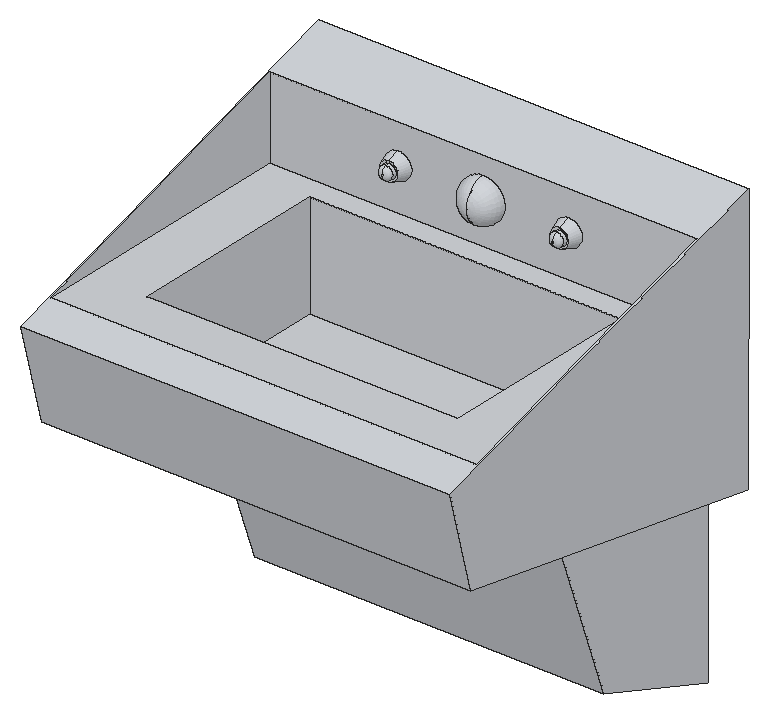
Revit family "Lavatory-Willoughby_Industries-WBLS-2018-HC-FA", category Plumbing Fixtures, Revit 2015
Parameters
  URL = "www.willoughby-ind.com"
  Revision = "A"
  Model = "WBLS-2018-HC-FA"
  Manufacturer = "Willoughby Industries"
  Description = "Behavioral Lavatory"
  Contact = "(800) 428-4065\r\n(800) 428-4065"
Reference planes (in)
  plane 1 "Center (Front/Back)": y = 0
  plane 2: z = 0
  plane 3 "Center (Left/Right)": x = 0
  plane 4: y = 0
Forms (in)
  Extrusion 1, solid
    sketch origin (0, 0, 0) x (0, -1, 0) y (0, 0, -1)
      loop
        line (6.125, -19.25) -> (0, -17) -> (0, -25.8125) -> (9.0625, -27.4375) -> (6.125, -19.25)
    from -8.1875 to 8.1875
  Extrusion 2, solid
    sketch origin (0, 0, 0) x (0, 1, 0) y (0, 0, 1)
      loop
        line (-16.25, 28.6875) -> (0, 25.77371) -> (0, 38.4375) -> (-17.5, 33.25) -> (-16.25, 28.6875)
    from -10.0625 to 10.0625
  Extrusion 3, void
    sketch origin (0, 0, 0) x (0, 1, 0) y (0, 0, 1)
      loop
        line (-15.81325, 33.75) -> (-2.9375, 33.75) -> (-2.9375, 37.56674) -> (-15.81325, 33.75)
    from -10 to 10
  Revolve 4, solid
    sketch origin (-4, 0, 0) x (0, 1, 0) y (0, 0, 1)
      loop
        line (-2.9375, 35.75) -> (-2.9375, 36.37) -> (-3.4875, 36.183) -> (-3.4875, 36.079) -> (-3.6475, 36.053)
        arc (-3.6475, 36.053) -> (-3.79586, 35.96775) -> (-3.8545, 35.807) r 0.24967
        line (-3.8545, 35.807) -> (-3.8545, 35.75) -> (-2.9375, 35.75)
      axis (-3.8545, 35.75) -> (-2.9375, 35.75)
    angle from 0 to 360
  Revolve 5, solid
    sketch origin (4, 0, 0) x (0, 1, 0) y (0, 0, 1)
      loop
        line (-2.9375, 35.75) -> (-2.9375, 36.37) -> (-3.4875, 36.183) -> (-3.4875, 36.079) -> (-3.6475, 36.053)
        arc (-3.6475, 36.053) -> (-3.79586, 35.96775) -> (-3.8545, 35.807) r 0.24967
        line (-3.8545, 35.807) -> (-3.8545, 35.75) -> (-2.9375, 35.75)
      axis (-3.8545, 35.75) -> (-2.9375, 35.75)
    angle from 0 to 360
  Revolve 6, solid
    sketch origin (0, 0, 0) x (0, 1, 0) y (0, 0, 1)
      loop
        line (-2.9375, 35.75) -> (-2.9375, 36.75)
        arc (-2.9375, 36.75) -> (-3.64461, 36.45711) -> (-3.9375, 35.75) r 1
        line (-3.9375, 35.75) -> (-2.9375, 35.75)
      axis (-2.9375, 35.75) -> (-3.9375, 35.75)
    angle from 0 to 360
  Extrusion 7, void
    sketch origin (0, 0, 0) x (0, 1, 0) y (0, 0, 1)
      loop
        line (-4, 28.8125) -> (-4, 33.75) -> (-13.5625, 33.75) -> (-13.5625, 28.8125) -> (-4, 28.8125)
    from -7.28125 to 7.28125
  Extrusion 8, solid
    sketch origin (0, 0, 0) x (1, 0, 0) y (0, 0, 1)
      loop
        circle (-2.5, 24.25) r 0.75
      loop
        circle (2.5, 24.25) r 0.25
      loop
        circle (0.5, 24.25) r 0.25
    from -0.25 to 0
Cuts and joins
  Extrusion 3, Extrusion 7 cuts Extrusion 2
Dimensions and locks (in)
  group 1 to group 2 = 0' - 8"
  group 1 to group 2 = 0' - 0"  (x2)
  aligned and locked: level to plane 2
  aligned and locked: plane 1 "Center (Front/Back)" to Extrusion 2 sketch curve
  aligned and locked: Extrusion 3 sketch curve to Extrusion 2
  aligned and locked: cut or joined group of Extrusion 2, Extrusion 3, Extrusion 7 to Extrusion 7 sketch curve
